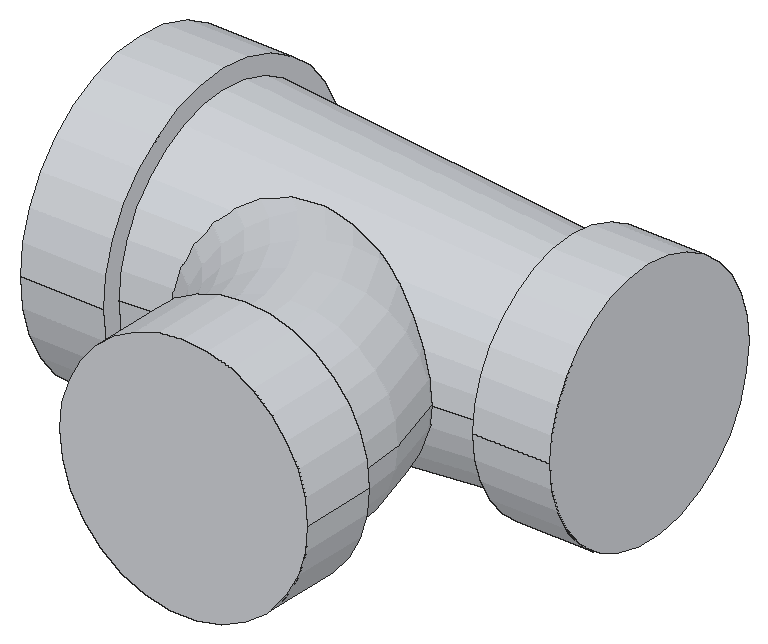
Revit family "023934beb60c48dbbfa1fe795f5a11a5", category Pipe Fittings, Revit 2021
Family settings
  Round Connector Dimension = Use Radius
  Part Type = Tee
  OmniClass Number = 23.60.30.11.14
  OmniClass Title = Pipework Fittings
  Seek Item ID = Tee Reducing Sanitary - PVC - Sch 40 - DWV-0000-USA-ENU
  Work Plane-Based = No
  Always vertical = Yes
  Cut with Voids When Loaded = No
  Shared = No
Parameters (values of type "Standard")
  Wall Thickness 3 [instance] = size_lookup(Lookup Table Name, "WThk", 0.02 * Nominal Diameter 3 + 33/256", Nominal Diameter 3)  # 0.156"
  Wall Thickness 2 [instance] = size_lookup(Lookup Table Name, "WThk", 0.02 * Nominal Diameter 2 + 33/256", Nominal Diameter 2)  # 0.156"
  Wall Thickness 1 [instance] = size_lookup(Lookup Table Name, "WThk", 0.02 * Nominal Diameter 1 + 33/256", Nominal Diameter 1)  # 0.156"
  Tick Size 3 [instance] = Fitting Outside Diameter 3 * 0.4  # 0.76"
  Tick Size 2 [instance] = Fitting Outside Diameter 2 * 0.4  # 0.76"
  Tick Size 1 [instance] = Fitting Outside Diameter 1 * 0.4  # 0.95"
  Socket Outside Radius 3 [instance] = Socket Outside Diameter 3 / 2  # 1.1135"
  Socket Outside Radius 2 [instance] = Socket Outside Diameter 2 / 2  # 1.1135"
  Socket Outside Radius 1 [instance] = Socket Outside Diameter 1 / 2  # 1.351"
  Socket Outside Diameter 3 [instance] = Socket Entrance Diameter 3 + Wall Thickness 3 * 2  # 2.227"
  Socket Outside Diameter 2 [instance] = Socket Entrance Diameter 2 + Wall Thickness 2 * 2  # 2.227"
  Socket Outside Diameter 1 [instance] = Socket Entrance Diameter 1 + Wall Thickness 1 * 2  # 2.702"
  Socket Entrance Diameter 3 [instance] = size_lookup(Lookup Table Name, "SED", 1.04 * Nominal Diameter 3 + 95/256", Nominal Diameter 3)  # 1.915"
  Socket Entrance Diameter 2 [instance] = size_lookup(Lookup Table Name, "SED", 1.04 * Nominal Diameter 2 + 95/256", Nominal Diameter 2)  # 1.915"
  Socket Entrance Diameter 1 [instance] = size_lookup(Lookup Table Name, "SED", 1.04 * Nominal Diameter 1 + 95/256", Nominal Diameter 1)  # 2.39"
  Socket Depth 3 [instance] = size_lookup(Lookup Table Name, "SDpt", 0.51 * Nominal Diameter 3 - 13/128", Nominal Diameter 3)  # 0.687"
  Socket Depth 2 [instance] = size_lookup(Lookup Table Name, "SDpt", 0.51 * Nominal Diameter 2 - 13/128", Nominal Diameter 2)  # 0.687"
  Socket Depth 1 [instance] = size_lookup(Lookup Table Name, "SDpt", 0.51 * Nominal Diameter 1 - 13/128", Nominal Diameter 1)  # 3/4"
  Socket Bottom to Socket Bottom Run [instance] = size_lookup(Lookup Table Name, "SBtSBR", -0.044 * Max Nominal Diameter 12 + 1.28 * Nominal Diameter 3 + 1 23/256", Nominal Diameter 1, Nominal Diameter 2, Nominal Diameter 3)  # 3 1/8"
  Radius 2 [instance] = if(Length 11 = Socket Depth 3, Socket Outside Diameter 3 / 2, Fitting Outside Radius 3)  # 1.1135"
  Radius 1 [instance] = if(Length 11 = Socket Depth 3, Socket Outside Radius 3, Fitting Outside Radius 3)  # 1.1135"
  Nominal Radius 3 [instance] = 3/4"
  Nominal Radius 2 [instance] = 3/4"
  Nominal Radius 1 [instance] = 1"
  Nominal Diameter 3 [instance] = Nominal Radius 3 * 2  # 1 1/2"
  Nominal Diameter 2 [instance] = Nominal Radius 2 * 2  # 1 1/2"
  Nominal Diameter 1 [instance] = Nominal Radius 1 * 2  # 2"
  Max Socket Outside Radius 13 [instance] = if(Socket Outside Radius 1 > Socket Outside Radius 3, Socket Outside Radius 1, Socket Outside Radius 3)  # 1.351"
  Max Nominal Diameter 12 [instance] = if(Nominal Diameter 1 > Nominal Diameter 2, Nominal Diameter 1, Nominal Diameter 2)  # 2"
  Max Fitting Outside Radius 13 [instance] = if(Fitting Outside Radius 1 > Fitting Outside Radius 3, Fitting Outside Radius 1, Fitting Outside Radius 3)  # 1 3/16"
  Loss Method = Not Defined
  Lookup Table Name = "Tee Reducing Sanitary - PVC - Sch 40 - DWV"
  Length 9 [instance] = if(Length 8 > Socket Outside Radius 2, 0", Length 11)  # 0"
  Length 8 [instance] = Length 3 - Socket Outside Radius 3 * cos(Angle)  # 2.188"
  Length 7 [instance] = Length 2 - 180" + Socket Outside Radius 3 * sin(Angle) + Length 9 * cos(Angle) - (Center to Socket Bottom Branch - Center to Socket Bottom Run)  # 3.0515"
  Length 6 [instance] = Length 1 + Socket Depth 2  # 184.062"
  Length 5 [instance] = Center Radius * (1 - cos(Angle)) + (Socket Depth 3 + Length 9) * sin(Angle)  # 2 7/8"
  Length 4 [instance] = Center Radius * sin(Angle) + (Socket Depth 3 + Length 9) * cos(Angle) + 180"  # 182.188"
  Length 13 [instance] = if(Length 8 > Socket Outside Radius 2, Socket Depth 3, if((Socket Outside Radius 3 * cos(Angle) + Socket Outside Radius 2 - Length 3) / sin(Angle) > 1/8", (Socket Outside Radius 3 * cos(Angle) + Socket Outside Radius 2 - Length 3) / sin(Angle), 1/8") + Socket Depth 3)  # 0.687"
  Length 12 [instance] = 180" + Center to Socket Bottom Branch - Center to Socket Bottom Run  # 180 1/4"
  Length 11 [instance] = if(Length 8 > Socket Outside Radius 2, Socket Depth 3, if((Socket Outside Radius 3 * cos(Angle) + Socket Outside Radius 2 - Length 3) / sin(Angle) > 1/8", (Socket Outside Radius 3 * cos(Angle) + Socket Outside Radius 2 - Length 3) / sin(Angle), 1/8"))  # 0.687"
  Length 3 [instance] = Center Radius * (1 - cos(Angle))  # 2.188"
  Length 2 [instance] = Center Radius * sin(Angle) + 180"  # 182.188"
  Length 10 [instance] = if(Max Socket Outside Radius 13 > Max Fitting Outside Radius 13, Max Socket Outside Radius 13, Max Fitting Outside Radius 13)  # 1.351"
  Length 1 [instance] = Length 12 + if(and(Center Radius * sin(Angle) > Socket Outside Radius 2, Angle = 90.00°), Socket Bottom to Socket Bottom Run, if(Socket Bottom to Socket Bottom Run > Length 7, Socket Bottom to Socket Bottom Run, Length 7))  # 183 3/8"
  Fitting Outside Radius 3 [instance] = Fitting Outside Diameter 3 / 2  # 0.95"
  Fitting Outside Radius 2 [instance] = Fitting Outside Diameter 2 / 2  # 0.95"
  Fitting Outside Radius 1 [instance] = Fitting Outside Diameter 1 / 2  # 1 3/16"
  Fitting Outside Diameter 3 [instance] = size_lookup(Lookup Table Name, "FOD", 1.04 * Nominal Diameter 3 + 23/64", Nominal Diameter 3)  # 1.9"
  Fitting Outside Diameter 2 [instance] = size_lookup(Lookup Table Name, "FOD", 1.04 * Nominal Diameter 2 + 23/64", Nominal Diameter 2)  # 1.9"
  Fitting Outside Diameter 1 [instance] = size_lookup(Lookup Table Name, "FOD", 1.04 * Nominal Diameter 1 + 23/64", Nominal Diameter 1)  # 2 3/8"
  Default Elevation = 0' - 0"
  Center to Socket Bottom Run [instance] = size_lookup(Lookup Table Name, "CtSBR", -0.00094 * Max Nominal Diameter 12 + 0.75 * Nominal Diameter 3 + 187/256", Nominal Diameter 1, Nominal Diameter 2, Nominal Diameter 3)  # 1.938"
  Center to Socket Bottom Branch [instance] = size_lookup(Lookup Table Name, "CtSBB", 0.53 * Max Nominal Diameter 12 + 0.24 * Nominal Diameter 3 + 195/256", Nominal Diameter 1, Nominal Diameter 2, Nominal Diameter 3)  # 2.188"
  Center to Socket Bottom Branch Label [instance] = if(Center to Socket Bottom Branch / tan(Angle / 2) > Length 10, Center to Socket Bottom Branch, Length 10 * tan(Angle / 2) + 1/8")  # 2.188"
  Center Radius [instance] = Center to Socket Bottom Branch Label / tan(Angle / 2)  # 2.188"
  Angle [instance] = 90.00°
Reference planes (in)
  plane 1 "Center (Front/Back)": y = 0
  plane 2: z = 0
  plane 3 "Center (Left/Right)": x = 0
  plane 4: x = -2.188
  plane 5: y = -2.188
  plane 6: x = -182.188
  plane 7: x = 0
  plane 8: x = 0
  plane 9: y = -2.188
  plane 10: y = -2.875
  plane 11: x = -1.938
  plane 12: x = 1.187
  plane 13: x = -2.688
  plane 14: x = 1.874
  plane 15: x = -12.68406
Forms (in)
  Sweep 1, solid, detail levels fine
    path in 3D
      loop
        line (1.187, 0, 0) -> (1.874, 0, 0)
    profile origin (1.5305, 0, 0) x (0, 1, 0) y (0, 0, 1)
      loop
        circle (0, 0) r 1.1135
  Sweep 2, solid, detail levels fine
    path in 3D
      loop
        line (0, -2.188, 0) -> (0, -2.875, 0)
    profile origin (0, -2.5315, 0) x (1, 0, 0) y (0, 0, 1)
      loop
        circle (0, 0) r 1.1135
  Sweep 3, solid, detail levels fine
    path in 3D
      loop
        arc (-2.188, 0, 0) -> (-0.64085, -0.64085, 0) -> (0, -2.188, 0) r 2.188
    profile origin (-0.64085, -0.64085, 0) x (0.707107, 0.707107, 0) y (0, 0, 1)
      loop
        circle (0, 0) r 0.95
  Sweep 4, solid, detail levels fine
    path in 3D
      loop
        line (-2.688, 0, 0) -> (-1.938, 0, 0)
    profile origin (-2.313, 0, 0) x (0, 1, 0) y (0, 0, 1)
      loop
        circle (0, 0) r 1.351
  SweptBlend 5, solid, detail levels fine
    path in 3D
      loop
        line (-1.938, 0, 0) -> (1.187, 0, 0)
    profile origin (-1.938, 0, 0) x (0, 1, 0) y (0, 0, 1)
      loop
        circle (0, 0) r 1.1875
    end profile origin (1.187, 0, 0) x (0, 1, 0) y (0, 0, 1)
      loop
        circle (0, 0) r 0.95
  Sweep 6, solid, detail levels fine
    path in 3D
      loop
        line (1.187, 0, 0) -> (1.874, 0, 0)
    profile origin (1.5305, 0, 0) x (0, 1, 0) y (0, 0, 1)
      loop
        circle (0, 0) r 1.1135
  Sweep 7, solid, detail levels fine
    path in 3D
      loop
        line (0, -2.875, 0) -> (0, -2.188, 0)
    profile origin (0, -2.5315, 0) x (-1, 0, 0) y (0, 0, 1)
      loop
        circle (0, 0) r 1.1135
Cuts and joins
  joined: Sweep 2, Sweep 3, Sweep 7
  joined: Sweep 1, Sweep 4, SweptBlend 5, Sweep 6
Lines and regions (in)
  model lines, detail levels coarse+medium
    curve 1: line (-2.688, 0, 0) -> (-1.938, 0, 0)
    curve 2: line (1.187, 0, 0) -> (1.874, 0, 0)
    curve 4: line (-2.688, 0, 0) -> (-2.688, 0.95, 0)
    curve 5: line (-2.688, -0.95, 0) -> (-2.688, 0, 0)
    curve 6: line (1.874, 0.76, 0) -> (1.874, 0, 0)
    curve 7: line (1.874, -0.76, 0) -> (1.874, 0, 0)
    curve 8: line (0, -2.188, 0) -> (0, -2.875, 0)
    curve 9: line (0, -2.875, 0) -> (0.76, -2.875, 0)
    curve 10: line (0, -2.875, 0) -> (-0.76, -2.875, 0)
    curve 12: arc (-2.188, 0, 0) -> (-0.64085, -0.64085, 0) -> (0, -2.188, 0) r 2.188
    curve 14: line (-1.938, 0, 0) -> (1.187, 0, 0)
  sketch lines
    curve 3: line (1.187, 0, 0) -> (1.874, 0, 0)
    curve 11: line (0, -2.188, 0) -> (0, -2.875, 0)
    curve 13: arc (-2.188, 0, 0) -> (-0.64085, -0.64085, 0) -> (0, -2.188, 0) r 2.188
    curve 15: line (-2.688, 0, 0) -> (-1.938, 0, 0)
    curve 16: line (-1.938, 0, 0) -> (1.187, 0, 0)
    curve 17: line (1.187, 0, 0) -> (1.874, 0, 0)
    curve 20: line (0, -2.875, 0) -> (0, -2.188, 0)
  reference lines
    curve 18: line (0, 0, 0) -> (0, -5.58547, 0)
    curve 19: line (0, -2.875, 0) -> (0, -2.188, 0)
Dimensions and locks (in)
  "Center to Socket Bottom Branch Label": plane 4 to plane 3 "Center (Left/Right)"
  "Center Radius": plane 1 "Center (Front/Back)" to plane 5
  locked: plane 6 to plane 4 at 180
  "Length 2": plane 6 to plane 7
  "Length 4": plane 6 to plane 8
  "Length 3": plane 1 "Center (Front/Back)" to plane 9
  "Length 5": plane 1 "Center (Front/Back)" to plane 10
  "Length 12": plane 6 to plane 11
  "Length 1": plane 6 to plane 12
  "Length 6": plane 6 to plane 14
  "Tick Size 1": curve 4 to curve 4
  "Tick Size 1": curve 5 to curve 5
  "Tick Size 2": curve 6 to curve 6
  "Tick Size 2": curve 7 to curve 7
  "Length 13": curve 8 to curve 8
  "Tick Size 3": curve 9 to curve 9
  "Tick Size 3": curve 10 to curve 10
  "Socket Depth 1": plane 13 to plane 11
  "Socket Depth 3": curve 19 to curve 19
  "Socket Outside Radius 2": radius of Sweep 1 sketch curve
  "Radius 1": radius of Sweep 2 sketch curve
  "Center Radius": radius of curve 12
  "Fitting Outside Radius 3": radius of Sweep 3 sketch curve
  "Socket Outside Radius 1": radius of Sweep 4 sketch curve
  "Fitting Outside Radius 1": radius of SweptBlend 5 sketch curve
  "Fitting Outside Radius 2": radius of SweptBlend 5 sketch curve
  "Socket Outside Radius 2": radius of Sweep 6 sketch curve
  "Socket Outside Radius 3": radius of Sweep 7 sketch curve
  "Angle": angle curve 8 to plane 9
  locked: curve 9 to curve 10 (angle 180.00°)
  locked: curve 9 to curve 8 (angle 90.00°)
  "Angle": angle curve 12 to curve 12
  "Angle": angle curve 18 to plane 1 "Center (Front/Back)"
  "Angle": angle curve 19 to plane 10
  aligned and locked: plane 14 to curve 2
  aligned and locked: plane 1 "Center (Front/Back)" to curve 2
  aligned and locked: plane 13 to curve 4
  aligned and locked: plane 13 to curve 5
  aligned and locked: plane 1 "Center (Front/Back)" to curve 6
  aligned and locked: curve 6 to plane 14
  aligned and locked: plane 14 to curve 7
  aligned and locked: plane 7 to curve 8
  aligned and locked: plane 9 to curve 8
  aligned and locked: plane 5 to curve 12
  aligned and locked: plane 11 to curve 14
  aligned and locked: plane 12 to curve 14
  aligned and locked: plane 1 "Center (Front/Back)" to curve 14
  aligned and locked: plane 1 "Center (Front/Back)" to curve 18
  aligned and locked: plane 3 "Center (Left/Right)" to curve 18
  aligned and locked: plane 10 to curve 19
  aligned and locked: plane 8 to curve 19
Automatic sketch dimensions
  Sweep 1 sketch curve to profile plane = 0' - 0"  (x2)
  profile plane to Sweep 2 sketch curve = 0' - 0"
  Sweep 2 sketch curve to profile plane = 0' - 0"
  Sweep 3 sketch curve to profile plane = 0' - 0"  (x2)
  Sweep 4 sketch curve to profile plane = 0' - 0"  (x2)
  SweptBlend 5 sketch curve to profile plane = 0' - 0"  (x4)
  Sweep 6 sketch curve to profile plane = 0' - 0"  (x2)
  Sweep 7 sketch curve to profile plane = 0' - 0"  (x2)
Connectors (in)
  piping at (-2.688, 0, 0), diameter 2, driven by "Nominal Radius 1"
    settings: on cut or joined group of Sweep 1, Sweep 4, SweptBlend 5, Sweep 6, index 1, connector inside diameter 2", connector length 0' - 0", flow factor 0, pipe flow 0 GPM, pressure drop 0.00 psi, fitting loss kfactor 0, connector angle 0.00°, fixture units 0, engagement length 0' - 0", angle of deflection 0.00°, flow configuration 0, flow direction 0, fitting loss method 0, system type 28, joint type 0, gender type 0, connector reference index 2, connector utility 0, adjustable connector no, is connector primary yes, connector description ""
  piping at (1.874, 0, 0), diameter 1.5, driven by "Nominal Radius 2"
    settings: on cut or joined group of Sweep 1, Sweep 4, SweptBlend 5, Sweep 6, index 2, connector inside diameter 1 1/2", connector length 0' - 0", flow factor 0, pipe flow 0 GPM, pressure drop 0.00 psi, fitting loss kfactor 0, connector angle 0.00°, fixture units 0, engagement length 0' - 0", angle of deflection 0.00°, flow configuration 0, flow direction 0, fitting loss method 0, system type 28, joint type 0, gender type 0, connector reference index 1, connector utility 0, adjustable connector no, is connector primary no, connector description ""
  piping at (0, -2.875, 0), diameter 1.5, driven by "Nominal Radius 3", driven by "Angle"
    settings: on cut or joined group of Sweep 2, Sweep 3, Sweep 7, index 3, connector inside diameter 1 1/2", connector length 0' - 0", flow factor 0, pipe flow 0 GPM, pressure drop 0.00 psi, fitting loss kfactor 0, connector angle 90.00°, fixture units 0, engagement length 0' - 0", angle of deflection 0.00°, flow configuration 0, flow direction 0, fitting loss method 0, system type 28, joint type 0, gender type 0, connector reference index -1, connector utility 0, adjustable connector no, is connector primary no, connector description ""
